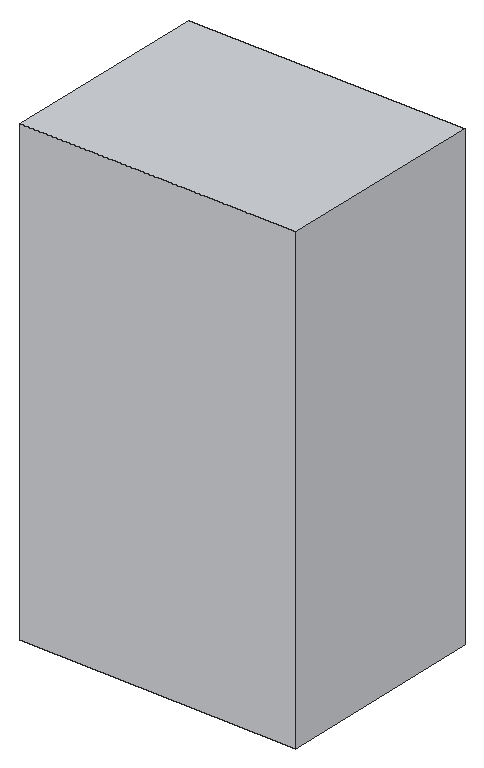
Revit family
Parameters
  Warranty Duration (Years) = 0
  Unit Length [instance] = 1' - 1 1/2"
  URL = "http://www.americanspecialties.com/viewCategories.cfm"
  Test Data = ""
  Trim Material = Metal - Stainless Steel
  Specification = "http://www.arcat.com/sdspecs/htm/10810asi.htm"
  SpecWizard = ""
  Send Message = "http://www.arcat.com/users.pl?action=UserEmail&company=American%20Specialties,%20Inc.&coid=30448&rep=139&fax=914-476-0688&mf="
  Sales Information = "http://www.americanspecialties.com/contact"
  Revision = "R1_10-2010"
  Product Properties = "http://www.americanspecialties.com/datasheets/7305-2.pdf"
  Product Data = "http://www.arcat.com/arcatcos/cos30/arc30448.html"
  Model = "As Specified in 10 28 13"
  Manufacturer Website = "http://www.americanspecialties.com/viewCategories.cfm"
  Manufacturer Phone - Toll Free = ""
  Manufacturer Phone = "914-476-9000 "
  Manufacturer Fax = "914-476-0688"
  Manufacturer Address = "441 Saw Mill River Rd., Yonkers, NY 10701"
  Manufacturer = "American Specialties, Inc."
  Maintenance Schedule (Months) = 0
  Keynote = "10 28 13"
  Installation-Fabrication = "http://www.americanspecialties.com/products.cfm"
  Green Building-LEED = ""
  Expected Lifespan (Years) = 0
  Body Material = Metal - Stainless Steel
  Drawn By = "Robert S. Weygant. CSI, CDT, SCIP"  # constant formula
  Description = "Toilet Accessory as Specified in 10 28 13"
  Default Elevation = 4' - 0"
  Copyright = "©Arcat Inc."
  Construction Details = "http://www.arcat.com/green/clients/leed_data_30448.html"
  Building Codes = "http://www.americanspecialties.com/products.cfm"
  Assembly Code = "C1030210"
Reference planes (in)
  plane 1 "Center (Front/Back)": y = -0.29112
  plane 2 "Floor Line": z = 0
  plane 3 "Center (Left/Right)": x = -0.65843
  plane 4: x = -6.40843
  plane 5: x = 5.09157
  plane 6: z = 0.4375
  plane 7: x = -7.40843
  plane 8: x = 6.09157
  plane 9: z = 3.875
  plane 10: z = 3.25
  plane 11: x = -3.53343
  plane 12: x = 2.21657
Forms (in)
  Extrusion 1, solid
    sketch origin (-3, -9, -6) x (0, 0, -1) y (1, 0, 0)
      loop
        line (-82, 26) -> (-82, -19.34712) -> (-6, -19.34712) -> (-6, 26) -> (-82, 26)
    from 9 to -25.60721
  Extrusion 2, solid, material "Metal - Stainless Steel" <- "Trim Material"
    sketch origin (4.0073, 1.98146, 0) x (1, 0, 0) y (0, 1, 0)
      loop
        arc (-11.29073, -1.27258) -> (-11.37912, -1.30919) -> (-11.41573, -1.39758) r 0.125
        line (-11.41573, -1.39758) -> (-11.41573, -3.14758)
        arc (-11.41573, -3.14758) -> (-11.37912, -3.23597) -> (-11.29073, -3.27258) r 0.125
        line (-11.29073, -3.27258) -> (-9.54073, -3.27258)
        arc (-9.54073, -3.27258) -> (-9.45234, -3.23597) -> (-9.41573, -3.14758) r 0.125
        line (-9.41573, -3.14758) -> (-9.41573, -1.39758)
        arc (-9.41573, -1.39758) -> (-9.45234, -1.30919) -> (-9.54073, -1.27258) r 0.125
        line (-9.54073, -1.27258) -> (-11.29073, -1.27258)
    from 0 to 0.4375
  Extrusion 3, solid, material "Metal - Stainless Steel" <- "Trim Material"
    sketch origin (-5.32416, 1.98146, 0) x (-1, 0, 0) y (0, -1, 0)
      loop
        line (-11.29073, 1.27258) -> (-9.54073, 1.27258)
        arc (-9.54073, 1.27258) -> (-9.45234, 1.30919) -> (-9.41573, 1.39758) r 0.125
        line (-9.41573, 1.39758) -> (-9.41573, 3.14758)
        arc (-9.41573, 3.14758) -> (-9.45234, 3.23597) -> (-9.54073, 3.27258) r 0.125
        line (-9.54073, 3.27258) -> (-11.29073, 3.27258)
        arc (-11.29073, 3.27258) -> (-11.37912, 3.23597) -> (-11.41573, 3.14758) r 0.125
        line (-11.41573, 3.14758) -> (-11.41573, 1.39758)
        arc (-11.41573, 1.39758) -> (-11.37912, 1.30919) -> (-11.29073, 1.27258) r 0.125
    from 0 to 0.4375
  Extrusion 4, solid, material "Metal - Stainless Steel" <- "Body Material"
    sketch origin (0, 0, 0) x (1, 0, 0) y (0, 1, 0)
      loop
        line (-6.65843, 0.20888) -> (-6.65843, -0.79112) -> (-6.15843, -0.79112) -> (-6.15843, 0.20888) -> (-6.65843, 0.20888)
    from 0.4375 to 3.875
  Extrusion 5, solid, material "Metal - Stainless Steel" <- "Body Material"
    sketch origin (-1.31687, 0, 0) x (-1, 0, 0) y (0, -1, 0)
      loop
        line (-6.65843, -0.20888) -> (-6.15843, -0.20888) -> (-6.15843, 0.79112) -> (-6.65843, 0.79112) -> (-6.65843, -0.20888)
    from 0.4375 to 3.875
  Revolve 6, solid, material "Metal - Stainless Steel" <- "Trim Material"
    sketch origin (0, -0.29112, 0) x (1, 0, 0) y (0, 0, 1)
      loop
        line (5.09157, 3.25) -> (5.09157, 3.625) -> (4.73377, 3.625) -> (4.73377, 3.75) -> (2.21657, 3.75) -> (2.21657, 3.6875) -> (-0.30064, 3.6875) -> (-0.30064, 3.625) -> (-1.01623, 3.625) -> (-1.01623, 3.6875) -> (-3.53343, 3.6875) -> (-3.53343, 3.75) -> (-6.05064, 3.75) -> (-6.05064, 3.625) -> (-6.40843, 3.625) -> (-6.40843, 3.25) -> (5.09157, 3.25)
      axis (-6.40843, 3.25) -> (5.09157, 3.25)
    angle from 0 to 360
  Extrusion 7, solid, material "Metal - Stainless Steel" <- "Trim Material"
    sketch origin (-11.07416, 1.98146, 0) x (-1, 0, 0) y (0, -1, 0)
      loop
        line (-11.29073, 1.27258) -> (-9.54073, 1.27258)
        arc (-9.54073, 1.27258) -> (-9.45234, 1.30919) -> (-9.41573, 1.39758) r 0.125
        line (-9.41573, 1.39758) -> (-9.41573, 3.14758)
        arc (-9.41573, 3.14758) -> (-9.45234, 3.23597) -> (-9.54073, 3.27258) r 0.125
        line (-9.54073, 3.27258) -> (-11.29073, 3.27258)
        arc (-11.29073, 3.27258) -> (-11.37912, 3.23597) -> (-11.41573, 3.14758) r 0.125
        line (-11.41573, 3.14758) -> (-11.41573, 1.39758)
        arc (-11.41573, 1.39758) -> (-11.37912, 1.30919) -> (-11.29073, 1.27258) r 0.125
    from 0 to 0.4375
  Extrusion 8, solid, material "Metal - Stainless Steel" <- "Body Material"
    sketch origin (-7.06687, 0, 0) x (-1, 0, 0) y (0, -1, 0)
      loop
        line (-6.65843, -0.20888) -> (-6.15843, -0.20888) -> (-6.15843, 0.79112) -> (-6.65843, 0.79112) -> (-6.65843, -0.20888)
    from 0.4375 to 3.875
Dimensions and locks (in)
  equal spacing: plane 8, plane 3 "Center (Left/Right)", plane 7
  "Unit Length": plane 8 to plane 7
  locked: plane 4 to plane 7 at 1
  locked: plane 5 to plane 8 at 1
  equal spacing: plane 3 "Center (Left/Right)", plane 11, plane 4
  equal spacing: plane 5, plane 12, plane 3 "Center (Left/Right)"
  aligned and locked: plane 6 to Extrusion 2
  aligned and locked: plane 6 to Extrusion 3
  aligned and locked: Extrusion 5 to plane 6
  aligned and locked: Extrusion 4 to plane 6
  aligned and locked: Extrusion 2 to plane 7
  aligned and locked: Extrusion 3 to plane 8
  aligned and locked: plane 9 to Extrusion 4
  aligned and locked: plane 9 to Extrusion 5
  aligned and locked: Revolve 6 sketch curve to plane 10
  aligned and locked: Revolve 6 sketch curve to plane 11
  aligned and locked: plane 12 to Revolve 6 sketch curve
Automatic sketch dimensions
  Extrusion 1 sketch curve to Extrusion 1 sketch curve = 6' - 4"
  Extrusion 1 sketch curve to Extrusion 1 sketch curve = 3' - 9.34712"
  Extrusion 2 sketch curve to plane 7 = 0' - 0"
  plane 7 to Extrusion 2 sketch curve = 0' - 0 1/8"  (x2)
  plane 4 to Extrusion 2 sketch curve = 0' - 0 7/8"  (x2)
  Extrusion 2 sketch curve to Extrusion 2 sketch curve = 0' - 0 1/8"
  plane 1 "Center (Front/Back)" to Extrusion 2 sketch curve = 0' - 1"
  Extrusion 2 sketch curve to plane 1 "Center (Front/Back)" = 0' - 0 7/8"
  Extrusion 3 sketch curve to plane 8 = 0' - 0"
  Extrusion 3 sketch curve to plane 8 = 0' - 0 1/8"  (x2)
  plane 5 to Extrusion 3 sketch curve = 0' - 0 7/8"  (x2)
  Extrusion 3 sketch curve to Extrusion 3 sketch curve = 0' - 0 1/8"
  Extrusion 3 sketch curve to plane 1 "Center (Front/Back)" = 0' - 1"
  plane 1 "Center (Front/Back)" to Extrusion 3 sketch curve = 0' - 0 7/8"
  Extrusion 4 sketch curve to plane 4 = 0' - 0 1/4"
  plane 4 to Extrusion 4 sketch curve = 0' - 0 1/4"
  plane 1 "Center (Front/Back)" to Extrusion 4 sketch curve = 0' - 0 1/2"
  Extrusion 4 sketch curve to plane 1 "Center (Front/Back)" = 0' - 0 1/2"
  Extrusion 5 sketch curve to plane 5 = 0' - 0 1/4"
  plane 5 to Extrusion 5 sketch curve = 0' - 0 1/4"
  Extrusion 5 sketch curve to plane 1 "Center (Front/Back)" = 0' - 0 1/2"
  plane 1 "Center (Front/Back)" to Extrusion 5 sketch curve = 0' - 0 1/2"
  Extrusion 7 sketch curve to plane 3 "Center (Left/Right)" = 0' - 1"
  Extrusion 7 sketch curve to Extrusion 7 sketch curve = 0' - 0 1/8"  (x3)
  plane 3 "Center (Left/Right)" to Extrusion 7 sketch curve = 0' - 0 7/8"  (x2)
  Extrusion 7 sketch curve to plane 1 "Center (Front/Back)" = 0' - 1"
  plane 1 "Center (Front/Back)" to Extrusion 7 sketch curve = 0' - 0 7/8"
  Extrusion 8 sketch curve to plane 3 "Center (Left/Right)" = 0' - 0 1/4"
  plane 3 "Center (Left/Right)" to Extrusion 8 sketch curve = 0' - 0 1/4"
  Extrusion 8 sketch curve to plane 1 "Center (Front/Back)" = 0' - 0 1/2"
  plane 1 "Center (Front/Back)" to Extrusion 8 sketch curve = 0' - 0 1/2"
  Revolve 6 sketch curve to plane 4 = 0' - 0"
  Revolve 6 sketch curve to plane 5 = 0' - 0"
  Revolve 6 sketch curve to plane 10 = 0' - 0"
  plane 4 to Revolve 6 sketch curve = 0' - 0.35779"
  Revolve 6 sketch curve to plane 9 = 0' - 0 3/16"
  Revolve 6 sketch curve to plane 9 = 0' - 0 1/8"  (x2)
  Revolve 6 sketch curve to plane 5 = 0' - 0.35779"
  Revolve 6 sketch curve to plane 9 = 0' - 0 1/4"  (x2)
  Revolve 6 sketch curve to plane 3 "Center (Left/Right)" = 0' - 0.35779"
  Revolve 6 sketch curve to Revolve 6 sketch curve = 0' - 0 1/16"  (x2)
  plane 3 "Center (Left/Right)" to Revolve 6 sketch curve = 0' - 0.35779"
  Revolve 6 sketch curve to plane 7 = 4' - 5.01025"
  Revolve 6 sketch curve to plane 8 = 4' - 11.25384"
